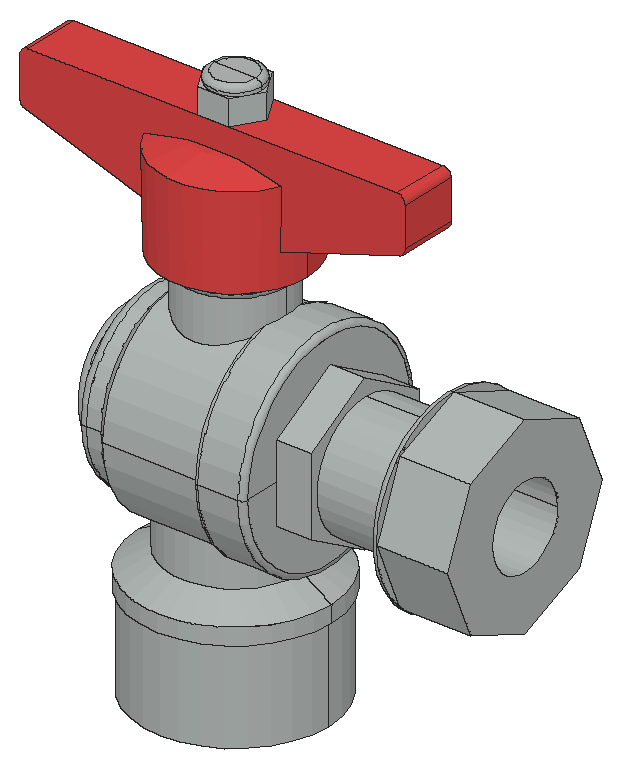
Revit family "QD40950000", category Apparecchi idraulici, Revit 2020
Family settings
  Quota connettore circolare = Usa diametro
  Tipo di parte = Normale
  Numero OmniClass = 23.45.00.00
  Titolo OmniClass = Sanitary, Laundry, and Cleaning Equipment
  Basato su piano di lavoro = No
  Sempre verticale = Sì
  Taglio con vuoti quando caricato = No
  Condiviso = No
  Punto di calcolo locali = No
Parameters
  URL = "https://web.cimberio.com/index.php/figura/289?subcategoria_id="
  Temperatura di esercizio = "-20 ÷ 65°C (servizio continuo) 90° (picchi di1 h) secondo EN 13959"
  Prospetto di default = 0 mm
  Produttore = "CIMBERIO SPA"
  Pressione nominale = "PN 16"
  Modello = "Cim 289NR"
  Materiale = "Prodotto in lega di ottone conforme alla norma EN 12165-CW617N-DW"
  Descrizione = "Utilizzato nei più svariati settori dell'impiantistica: reti di distribuzione acqua potabile, impianti di riscaldamento, condizionamento, igienico-sanitari e in generale con ogni fluido non corrosivo"
  DN Model [instance] = QD40952079 : QD40952079
  DN [instance] = 20 mm
  Commenti sul tipo = "Realizzato in ottemperanza ai requisiti gestionali della norma EN ISO 9001.\r\nCollaudato al 100% secondo la normativa EN 12266-1"
Reference planes
  plane 1 "Centro (Fronte/Retro)": y = 0
  plane 2: z = 0
  plane 3 "Centro (Sinistra/Destra)": x = 0
Dimensions and locks
  aligned and locked: level to plane 2
Nested families
  nested 1: "QD40952079" at (0, 0, 0), type <- "DN Model", type "QD40952079"
  nested 2: "QD40952079" at (0, 0, 0), type <- "DN Model", type "QD40952079"
  nested 3: "QD40952079" at (0, 0, 0), type <- "DN Model", type "QD40952079"
  nested 4: "QD40952079" at (0, 0, 0), type <- "DN Model", type "QD40952079"
Connectors
  piping at (52.6, 0, 0), diameter 20, driven by "DN"
    settings: on nested 1, index 1, connector inside diameter 609.6 mm, connector length 0 mm, flow factor 0, pipe flow 0.0 L/s, pressure drop 0.0 Pa, fitting loss kfactor 0, connector angle 0.00°, fixture units 0, engagement length 0 mm, angle of deflection 0.00°, flow configuration 0, flow direction 0, fitting loss method 0, system type 7, joint type 0, gender type 0, connector reference index -1, connector utility 0, adjustable connector no, is connector primary yes, connector description ""
Definition of nested family "QD40952079"
  Parameters (values of type "QD40952079")
    URL = "https://web.cimberio.it/index.php/figura/394?subcategoria_id="
    Temperatura di esercizio = "-10 ÷ 95°C"
    Default Elevation = 0 mm
    Manufacturer = "CIMBERIO SPA"
    Pressione nominale = "PN 16"
    Model = "Cim 32"
    Materiale = "Prodotto in lega di ottone conforme alla norma EN 12165-CW617N-DW"
    Description = "Impiegato nei più svariati settori dell'impiantistica in condutture anti-ritorno per: reti di distribuzione acqua potabile, impianti di riscaldamento, condizionamento, igienico-sanitari e in generale con ogni fluido non corrosivo."
    Type Comments = "Realizzato in ottemperanza ai requisiti gestionali della norma EN ISO 9001.\r\nCollaudato al 100% secondo la normativa EN 12266-1"
  Reference planes
    plane 1 "Centro (Fronte/Retro)": y = 0
    plane 2: z = 0
    plane 3 "Centro (Sinistra/Destra)": x = 0
  Forms (mm)
    Revolve 1, solid
      sketch origin (0, 0, 0) x (1, 0, 0) y (0, 0, 1)
        loop
          line (-17, 12) -> (-18, 12)
          arc (-18, 12) -> (-19.414, 11.414) -> (-20, 10) r 2
          line (-20, 10) -> (-20, 0) -> (-16, 0) -> (-16, 13)
          arc (-16, 13) -> (-16.293, 12.293) -> (-17, 12) r 1
        axis (-20, 0) -> (-16, 0)
      angle from 0 to 360
    Extrusion 2, solid
      sketch origin (0, 0, 0) x (0, 1, 0) y (0, 0, 1)
        loop
          circle (0, 0) r 7.5
        loop
          line (0, 14) -> (-12.124, 7) -> (-12.124, -7) -> (0, -14) -> (12.124, -7) -> (12.124, 7) -> (0, 14)
      from 17.1 to 23.6
    Revolve 3, solid
      sketch origin (0, 0, 0) x (1, 0, 0) y (0, 0, 1)
        loop
          line (37.1, 11.1) -> (23.6, 11.1) -> (23.6, 10) -> (37.1, 10) -> (37.1, 11.1)
        axis (23.6, 0) -> (37.1, 0)
      angle from 0 to 360
    Revolve 4, solid
      sketch origin (6.4, 0, 0) x (1, 0, 0) y (0, 0, 1)
        loop
          line (30.7, 7.5) -> (33.2, 7.5) -> (33.2, 17.4)
          arc (33.2, 17.4) -> (32.664, 17.292) -> (32.206, 16.993) r 1.447
          line (32.206, 16.993) -> (30.7, 14.384) -> (30.7, 7.5)
        axis (30.7, 0) -> (33.2, 0)
      angle from 0 to 360
    Extrusion 5, solid
      sketch origin (6.4, 0, 0) x (0, 1, 0) y (0, 0, 1)
        loop
          circle (0, 0) r 7.5
        loop
          line (0, 17.4) -> (-12.304, 12.304) -> (-17.4, 0) -> (-12.304, -12.304) -> (0, -17.4) -> (12.304, -12.304) -> (17.4, 0) -> (12.304, 12.304) -> (0, 17.4)
      from 33.2 to 46.2
    Revolve 6, solid
      sketch origin (0, 0, 0) x (1, 0, 0) y (0, 0, 1)
        loop
          line (-9.5, 11.674) -> (-0.999, 11.674) -> (-0.999, 30.092) -> (-10, 30.092) -> (-10, 24.866)
          arc (-10, 24.866) -> (-9.866, 24.366) -> (-9.5, 24) r 1
          line (-9.5, 24) -> (-9.5, 11.674)
        axis (-0.063, 30.092) -> (-0.063, 11.674)
      angle from 0 to 360
    Revolve 7, solid
      sketch origin (0, 0, 4) x (1, 0, 0) y (0, 0, 1)
        loop
          line (-13.134, 22.8) -> (0, 22.8) -> (0, 41.574)
          arc (0, 41.574) -> (-6.831, 41.238) -> (-13.458, 39.55) r 34.224
          line (-13.458, 39.55) -> (-13.134, 22.8)
        axis (0, 41.574) -> (0, 22.8)
      angle from 0 to 360
    Revolve 8, solid
      sketch origin (0, 0, 4) x (1, 0, 0) y (0, 0, 1)
        loop
          line (0, 49.392) -> (4.75, 49.392) -> (4.75, 50.768)
          arc (4.75, 50.768) -> (4.448, 51.498) -> (3.718, 51.8) r 1.032
          line (3.718, 51.8) -> (0, 51.8) -> (0, 49.392)
        axis (0, 51.8) -> (0, 49.392)
      angle from 0 to 360
    Extrusion 9, solid
      sketch origin (0, 0, 4) x (1, 0, 0) y (0, 0, 1)
        loop
          arc (-33.5, 45.8) -> (-34.561, 45.361) -> (-35, 44.3) r 1.5
          line (-35, 44.3) -> (-35, 37.227)
          arc (-35, 37.227) -> (-34.714, 36.345) -> (-33.964, 35.8) r 1.5
          line (-33.964, 35.8) -> (-12.42, 28.8) -> (12.42, 28.8) -> (33.964, 35.8)
          arc (33.964, 35.8) -> (34.714, 36.345) -> (35, 37.227) r 1.5
          line (35, 37.227) -> (35, 44.3)
          arc (35, 44.3) -> (34.561, 45.361) -> (33.5, 45.8) r 1.5
          line (33.5, 45.8) -> (-33.5, 45.8)
      from -5.184 to 5.128
    Extrusion 10, solid
      sketch origin (0, 0, 4) x (1, 0, 0) y (0, 1, 0)
        loop
          line (5.771, 0) -> (2.886, 4.998) -> (-2.886, 4.998) -> (-5.771, 0) -> (-2.886, -4.998) -> (2.886, -4.998) -> (5.771, 0)
      from 45.8 to 50.3
    Revolve 11, solid
      sketch origin (0, 0, 0) x (1, 0, 0) y (0, 0, 1)
        loop
          line (-11.939, -10.098) -> (-12, -21.825) -> (-17.5, -25) -> (-17.5, -28) -> (0, -28) -> (0, -10.098) -> (-11.939, -10.098)
        axis (0, -10.098) -> (0, -28)
      angle from 0 to 360
    Revolve 12, solid
      sketch origin (0, 0, 0) x (1, 0, 0) y (0, 0, 1)
        loop
          line (-17, -45) -> (0, -45) -> (0, -28) -> (-17, -28) -> (-17, -45)
        axis (0, -45) -> (0, -28)
      angle from 0 to 360
    Revolve 13, solid
      sketch origin (0, 0, 0) x (1, 0, 0) y (0, 1, 0)
        loop
          arc (-13.998, 16.25) -> (-15.414, 15.665) -> (-16, 14.25) r 2
          line (-16, 14.25) -> (-16, 10) -> (17.1, 10) -> (17.1, 18.5)
          arc (17.1, 18.5) -> (16.807, 19.207) -> (16.1, 19.5) r 1
          line (16.1, 19.5) -> (8.8, 19.5)
          arc (8.8, 19.5) -> (8.16, 19.192) -> (8, 18.5) r 0.82
          line (8, 18.5) -> (-9.25, 18.5) -> (-11.5, 16.25) -> (-13.998, 16.25)
        axis (-16, 0) -> (17.1, 0)
      angle from 0 to 360
  Dimensions and locks
    aligned and locked: level to plane 2
